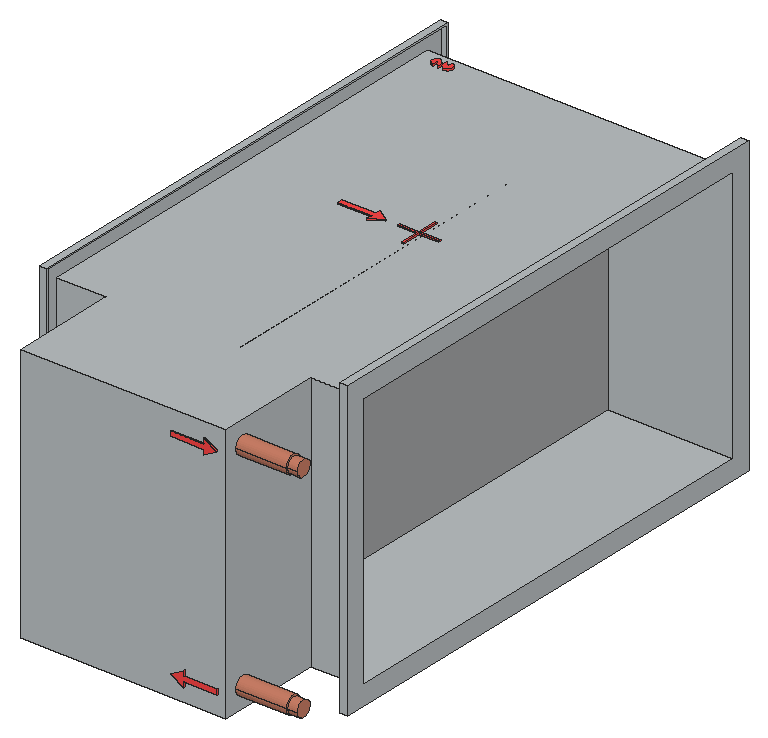
Revit family "NLRS_57_DUA_UN_rectangular-heater-ahxkkx1-7_LT_sacs", category Duct Accessories, Revit 2023
Family settings
  Round Connector Dimension = Use Diameter
  Part Type = Breaks Into
  OmniClass Number = 23.75.10.11.17
  OmniClass Title = Warm Air Heat Generators
  Work Plane-Based = No
  Always vertical = Yes
  Cut with Voids When Loaded = No
  Shared = No
Parameters (values of type "AHxKKx1-7")
  Water connection Right [instance] = yes
  Type IFC Predefined Type = "Heater"
  SACS_Warning_Text_Size [instance] = if(SACS_Warning_Size, "Invalid duct size. Nearest (larger) size selected", " ")  # " "
  SACS_Warning_Text_Other [instance] = if(SACS_Warning_Other, "Selected configuration not allowed", if([Heater circuits (1-26)] > 22, "Use family AHxKKx23-26", if([Heater circuits (1-26)] > 14, "Use family AHxKKx15-22", if([Heater circuits (1-26)] > 7, "Use family AHxKKx8-14", " "))))  # " "
  SACS_Warning_Size [instance] = or(not(NLRS_M_c01_breedte = SACS_Duct_Width), not(NLRS_M_c01_hoogte = SACS_Duct_Height))  # no
  SACS_Warning_Sign [instance] = and(not(SACS_Disable_Warning), or(SACS_Warning_Size, SACS_Warning_Other))  # no
  SACS_Warning_Other [instance] = or([Heater rows (2-10)] < 2, [Heater rows (2-10)] > 10, [Heater circuits (1-26)] < 1, [Heater circuits (1-26)] > 26)  # no
  SACS_Use_Manual_Airflow [instance] = no
  SACS_Plenum_L [instance] = if([Heater rows (2-10)] < 7, 300.00 mm, 400.00 mm)  # 300.00 mm
  SACS_Model [instance] = size_lookup(SACS_Data_Hidden, "Model", "NB", SACS_Duct_Width, SACS_Duct_Height, SACS_Index1, SACS_Index2, SACS_Index3)  # "AH2KKR-25-02 450x250"
  SACS_Manual_Airflow [instance] = 0.0 m³/h
  SACS_Index3 [instance] = if(Water connection Right, 0.00 mm, 1.00 mm)  # 0.00 mm
  SACS_Index2 [instance] = if([Heater circuits (1-26)] < 1, 1, if([Heater circuits (1-26)] > 26, 26, [Heater circuits (1-26)])) * 1.00 mm  # 2.00 mm
  SACS_Index1 [instance] = if([Heater rows (2-10)] < 2, 2, if([Heater rows (2-10)] > 10, 10, [Heater rows (2-10)])) * 1.00 mm  # 2.00 mm
  SACS_Disable_Warning [instance] = no
  URL = "https://solid-air.nl/producten/solid-air-naverwarmer-ah-k/"
  Type Comments = "Check flow directions!"  # constant formula
  SACS_Y_Offset3 [instance] = if(Water connection Right, -1.00 mm, SACS_Length_Y - 1.00 mm)  # -1.00 mm
  SACS_Y_Offset2 [instance] = if(Water connection Right, SACS_Duct_Width + SACS_Length_Y - 20.00 mm, 20.00 mm)  # 535.00 mm
  SACS_Y_Offset [instance] = if(Water connection Right, 0.00 mm, SACS_Length_Y)  # 0.00 mm
  SACS_Type_Mark [instance] = ""
  SACS_Right_Box [instance] = if(Water connection Right, SACS_Duct_Width + SACS_Length_Y, SACS_Y_Offset - 1.00 mm)  # 555.00 mm
  SACS_Offset_RL [instance] = if(Water connection Right, 20.00 mm, SACS_Duct_Width + SACS_Length_Y - 19.00 mm)  # 20.00 mm
  SACS_Length_Y [instance] = 90.00 mm + NLRS_P_c01_diameter  # 105.00 mm
  SACS_Left_Box [instance] = if(Water connection Right, SACS_Duct_Width + 1.00 mm, 0.00 mm)  # 451.00 mm
  SACS_Index_Side [instance] = if(Water connection Right, 0, 1)  # 0
  SACS_Flange_Height [instance] = if(or(SACS_Duct_Height > 650.00 mm, SACS_Duct_Width > 650.00 mm), 29.00 mm, 19.00 mm)  # 19.00 mm
  SACS_Duct_Width [instance] = if(roundup(NLRS_M_c01_breedte / 50.00 mm) * 50 < 200, 200.00 mm, if(roundup(NLRS_M_c01_breedte / 50.00 mm * 50) > 2000, 2000.00 mm, roundup(NLRS_M_c01_breedte / 50.00 mm) * 50.00 mm))  # 450.00 mm
  SACS_Duct_Height [instance] = if(roundup(NLRS_M_c01_hoogte / 50.00 mm) * 50 < 200, 200.00 mm, if(roundup(NLRS_M_c01_hoogte / 50.00 mm * 50) > 1600, 1600.00 mm, roundup(NLRS_M_c01_hoogte / 50.00 mm) * 50.00 mm))  # 250.00 mm
  SACS_Diameter2 [instance] = NLRS_P_c01_diameter + 2.00 mm  # 17.00 mm
  SACS_Data_Hidden [instance] = if(Water connection Right, "AH-KKR-25_1-7", "AH-KKL-25_1-7")  # "AH-KKR-25_1-7"
  SACS_Battery_Length [instance] = SACS_Index1 * 28  # 56.00 mm
  SACS_Air_Flow [instance] = 0.0 m³/h
  SA-Select [instance] = "https://saselect.solid-air.nl/duct-heater"
  NLRS_P_c01_drukverlies_statisch [instance] = 0.0 Pa
  NLRS_P_c01_diameter [instance] = if([Heater circuits (1-26)] < 8, 15.00 mm, if([Heater circuits (1-26)] < 15, 20.00 mm, if([Heater circuits (1-26)] < 23, 25.00 mm, 32.00 mm)))  # 15.00 mm
  NLRS_M_c01_hoogte [instance] = 250.00 mm
  NLRS_M_c01_drukverlies_statisch [instance] = 0.0 Pa
  NLRS_M_c01_breedte [instance] = 450.00 mm
  NLRS_C_model [instance] = SACS_Model  # "AH2KKR-25-02 450x250"
  NLRS_C_description = Description  # "Heater battery AH_KK - Rectangular connector - Solid Air"
  NLRS_C_content_versie = "4.23.02"  # constant formula
  NLRS_C_content_provider = "Solid Air Climate Solutions"  # constant formula
  NLRS_C_content_datum_uitgifte = "01-04-2026"  # constant formula
  NLRS_C_content_creator = "J. Feeke"  # constant formula
  NLRS_C_artikel_code [instance] = size_lookup(SACS_Data_Hidden, "Artikelcode", "NB", SACS_Duct_Width, SACS_Duct_Height, SACS_Index1, SACS_Index2, SACS_Index3)  # "9401000537"
  NLRS_P_c01_volumestroom [instance] = 0.0 L/s
  NLRS_M_c01_debiet [instance] = abs(if(SACS_Use_Manual_Airflow, SACS_Manual_Airflow, SACS_Air_Flow))  # 0.0 m³/h
  Model = "AH_KK"  # constant formula
  Manufacturer = "Solid Air Climate Solutions"  # constant formula
  LoadBearing [instance] = 1 = 0  # no
  Keynote = ""
  IsExternal [instance] = 1 = 0  # no
  IfcExportType = "Heater"  # constant formula
  IfcExportAs = "IfcHeatExchanger"  # constant formula
  IfcDescription = Description  # "Heater battery AH_KK - Rectangular connector - Solid Air"
  Heater rows (2-10) [instance] = 2
  Heater circuits (1-26) [instance] = 2
  FireRating [instance] = "00"  # constant formula
  Export Type to IFC As = "IfcHeatExchanger"
  Description = "Heater battery AH_KK - Rectangular connector - Solid Air"  # constant formula
  Default Elevation = 0.00 mm
  Cost = 0
  Assembly Code = "57.00"
Reference planes
  plane 1 "Center (Front/Back)": y = 0
  plane 2: z = 0
  plane 3 "Center (Left/Right)": x = 0
  plane 4 "top": z = 125
  plane 5 "bottom": z = -125
  plane 6 "left": x = -150
  plane 7 "right": x = 150
  plane 8 "back": y = 225
  plane 9 "Front": y = -225
  plane 10 "box": y = -330
  plane 11: y = -226
  plane 12: y = 225
Forms (mm)
  Sweep 1, solid, material "NLRS_57_sendzimir verzinkt_gen_sacs", detail levels medium+fine
    path in 3D
      loop
        line (0, -225, -125) -> (0, 225, -125) -> (0, 225, 125) -> (0, -225, 125) -> (0, -225, -125)
    profile "casing : casing" origin (0, -225, 0) x (0, 1, 0) y (1, 0, 0)
      loop
        line (0, -150) -> (0, 150) -> (-19, 150) -> (-19, 142.5) -> (-18, 142.5) -> (-18, 149) -> (-1, 149) -> (-1, -149) -> (-18, -149) -> (-18, -142.5) -> (-19, -142.5) -> (-19, -150) -> (0, -150)
  Extrusion 2, solid, material "NLRS_57_sendzimir verzinkt_gen_sacs", detail levels medium+fine
    sketch origin (0, 0, 0) x (1, 0, 0) y (0, 1, 0)
      loop
        line (-100, -226) -> (-100, -330) -> (100, -330) -> (100, -226) -> (-100, -226)
    from -126 to 126
  Extrusion 3, solid, material "Koper", detail levels medium+fine
    sketch origin (150, 0, 0) x (0, 1, 0) y (0, 0, 1)
      loop
        circle (-310, 105) r 8.5
      loop
        circle (-310, -105) r 8.5
    from -50 to 0
  Extrusion 4, solid, material "Koper", detail levels medium+fine
    sketch origin (150, 0, 0) x (0, 1, 0) y (0, 0, 1)
      loop
        circle (-310, 105) r 7.5
      loop
        circle (-310, -105) r 7.5
    from 0 to 10
  Extrusion 5, solid, material "NLRS_57_anodised aluminium_gen_sacs", detail levels medium+fine
    sketch origin (0, 0, 0) x (1, 0, 0) y (0, 1, 0)
      loop
        line (-28, 225) -> (-28, -225) -> (28, -225) -> (28, 225) -> (-28, 225)
    from -125 to 125
  Extrusion 6, solid, material "SACS_Label", detail levels medium+fine
    sketch origin (0, 0, 125) x (-1, 0, 0) y (0, -1, 0)
      loop
        line (-23.44, -20) -> (-23.44, -1) -> (-4.439, -1) -> (-4.439, 1) -> (-23.527, 1) -> (-23.527, 20) -> (-25.44, 20) -> (-25.44, 1) -> (-44.439, 1) -> (-44.439, -1) -> (-25.44, -1) -> (-25.44, -20) -> (-23.44, -20)
    from 1 to 2
Cuts and joins
  joined: Sweep 1, Extrusion 2
Lines and regions (mm)
  model lines, not visible
    curve 1: line (0, 225, 125) -> (0, -225, 125)
    curve 2: line (0, 225, -125) -> (0, 225, 125)
    curve 3: line (0, -225, -125) -> (0, 225, -125)
    curve 4: line (0, -225, 125) -> (0, -225, -125)
  sketch lines
    curve 5: line (0, -225, 125) -> (0, -225, -125)
    curve 6: line (0, 225, 125) -> (0, -225, 125)
    curve 7: line (0, 225, -125) -> (0, 225, 125)
    curve 8: line (0, -225, -125) -> (0, 225, -125)
Dimensions and locks
  equal spacing: plane 4 "top", level, plane 5 "bottom"
  "SACS_Duct_Height": plane 4 "top" to plane 5 "bottom"
  equal spacing: plane 6 "left", plane 3 "Center (Left/Right)", plane 7 "right"
  equal spacing: plane 8 "back", plane 1 "Center (Front/Back)", plane 9 "Front"
  "SACS_Duct_Width": plane 8 "back" to plane 9 "Front"
  "SACS_Plenum_L": plane 6 "left" to plane 7 "right"
  "SACS_Y_Offset": plane 12 to plane 8 "back"
  "SACS_Left_Box": plane 12 to plane 11
  "SACS_Right_Box": plane 12 to plane 10 "box"
  locked: Extrusion 2 sketch curve to plane 7 "right" at 50
  locked: plane 6 "left" to Extrusion 2 sketch curve at 50
  locked: Extrusion 2 to plane 4 "top" at 1
  locked: plane 5 "bottom" to Extrusion 2 at 1
  "SACS_Y_Offset2": Extrusion 3 sketch curve to plane 12
  locked: plane 4 "top" to Extrusion 3 sketch curve at 20
  locked: Extrusion 3 sketch curve to plane 5 "bottom" at 20
  "SACS_Y_Offset2": plane 12 to Extrusion 3 sketch curve
  locked: Extrusion 3 to plane 7 "right" at 50
  locked: Extrusion 4 sketch curve to plane 5 "bottom" at 20
  locked: plane 4 "top" to Extrusion 4 sketch curve at 20
  "SACS_Y_Offset2": plane 12 to Extrusion 4 sketch curve  (x2)
  locked: plane 7 "right" to Extrusion 4 at 10
  equal spacing: Extrusion 5 sketch curve, plane 3 "Center (Left/Right)", Extrusion 5 sketch curve
  "SACS_Battery_Length": Extrusion 5 sketch curve to Extrusion 5 sketch curve
  locked: plane 7 "right" to nested 1 at 80
  plane 7 "right" to nested 2 = 80.00 mm
  locked: nested 3 to plane 3 "Center (Left/Right)" at 30
  Extrusion 6 sketch curve to plane 1 "Center (Front/Back)" to Extrusion 6 sketch curve = 1.00 mm locked, 1.00 mm locked
  Extrusion 6 sketch curve to plane 1 "Center (Front/Back)" to Extrusion 6 sketch curve = 20.00 mm locked, 20.00 mm locked
  locked: plane 6 "left" to nested 4 at 25
  locked: plane 8 "back" to nested 4 at 10
  locked: nested 1 to plane 5 "bottom" at 20
  locked: plane 4 "top" to nested 2 at 20
  "SACS_Diameter2": diameter of Extrusion 3 sketch curve  (x2)
  "NLRS_P_c01_diameter": diameter of Extrusion 4 sketch curve  (x2)
  aligned and locked: level to plane 2
  aligned and locked: curve 1 to plane 4 "top"
  aligned and locked: plane 9 "Front" to curve 4
  aligned and locked: plane 5 "bottom" to curve 3
  aligned and locked: curve 2 to plane 8 "back"
  aligned and locked: Extrusion 2 sketch curve to plane 11
  aligned and locked: plane 10 "box" to Extrusion 2 sketch curve
  aligned and locked: plane 7 "right" to Extrusion 3
  aligned and locked: plane 8 "back" to Extrusion 5
  aligned and locked: Extrusion 5 to plane 9 "Front"
  aligned and locked: Extrusion 5 to plane 5 "bottom"
  aligned and locked: plane 4 "top" to Extrusion 5
  aligned and locked: plane 1 "Center (Front/Back)" to nested 3
  aligned and locked: plane 3 "Center (Left/Right)" to nested 5
Automatic sketch dimensions
  plane 3 "Center (Left/Right)" to Extrusion 6 sketch curve = 44.439 mm
  Extrusion 6 sketch curve to Extrusion 6 sketch curve = 18.999 mm
  Extrusion 6 sketch curve to Extrusion 6 sketch curve = 0.00 mm
  Extrusion 6 sketch curve to Extrusion 6 sketch curve = 1.913 mm
  Extrusion 6 sketch curve to plane 1 "Center (Front/Back)" = 1.00 mm
  Extrusion 6 sketch curve to Extrusion 6 sketch curve = 2.00 mm
  plane 3 "Center (Left/Right)" to Extrusion 6 sketch curve = 4.439 mm
  plane 1 "Center (Front/Back)" to Extrusion 6 sketch curve = 1.00 mm
  Extrusion 5 sketch curve to plane 9 "Front" = 0.00 mm
  Extrusion 5 sketch curve to plane 8 "back" = 0.00 mm
Nested families
  nested 1: "arrow" at (70, -331, -105) x (-1, 0, 0) z (0, 1, 0), built-in parameter 1001364 <- "SACS_Y_Offset3", type "arrow", detail levels medium+fine
  nested 2: "arrow" at (70, -331, 105) x (1, 0, 0) z (0, 1, 0), built-in parameter 1001364 <- "SACS_Y_Offset3", type "arrow", detail levels medium+fine
  nested 3: "arrow" at (-30, 0, 126), type "arrow", detail levels medium+fine
  nested 4: "logo_single" at (-125, 215, 125), type "logo_single", detail levels medium+fine
  nested 5: "NV-Symbol" at (0, 0, 125), type "FD-Symbol_Top", detail levels coarse
  nested 6: "Warning" at (0, 0, 125), visible <- "SACS_Warning_Size", type "Warning", detail levels medium+fine
  nested 7: "NV-Symbol" at (0, 0, 0) x (1, 0, 0) z (0, 1, 0), type "FD-Symbol_Side", detail levels coarse
Connectors
  hvac at (-150, 0, 0), driven by "NLRS_M_c01_hoogte", driven by "NLRS_M_c01_breedte", driven by "NLRS_M_c01_debiet", driven by "NLRS_M_c01_drukverlies_statisch"
    settings: on cut or joined group of Sweep 1, Extrusion 2, index 1, duct flow 0.0 m³/h, flow factor 0, pres drop 0.0 Pa, loss coef 0, conn angle 0.00°, conn width 450 mm, conn height 250 mm, conn diameter 609.6 mm, duct sys type 29, conn prof type 1, flow config 1, flow direction 1, loss method 4, conn ref index -1, conn util no, is conn primary yes, conn desc ""
  hvac at (150, 0, 0), driven by "NLRS_M_c01_hoogte", driven by "NLRS_M_c01_breedte", driven by "SACS_Air_Flow"
    settings: on cut or joined group of Sweep 1, Extrusion 2, index 2, duct flow 0.0 m³/h, flow factor 0, pres drop 0.0 Pa, loss coef 0, conn angle 0.00°, conn width 450 mm, conn height 250 mm, conn diameter 609.6 mm, duct sys type 29, conn prof type 1, flow config 0, flow direction 2, loss method 0, conn ref index -1, conn util no, is conn primary no, conn desc ""
  piping at (150, -310, -105), diameter 15, driven by "NLRS_P_c01_diameter", driven by "NLRS_P_c01_volumestroom", driven by "NLRS_P_c01_drukverlies_statisch"
    settings: on Extrusion 4, index 3, connector inside diameter 24", connector length 0.00 mm, flow factor 0, pipe flow 0.0 L/s, pressure drop 0.0 Pa, fitting loss kfactor 0, connector angle 0.00°, fixture units 0, engagement length 0.00 mm, angle of deflection 0.00°, flow configuration 1, flow direction 1, fitting loss method 4, system type 7, joint type 0, gender type 0, connector reference index -1, connector utility 0, adjustable connector no, is connector primary yes, connector description ""
  piping at (150, -310, 105), diameter 15, driven by "NLRS_P_c01_diameter", driven by "NLRS_P_c01_volumestroom", driven by "NLRS_P_c01_drukverlies_statisch"
    settings: on Extrusion 4, index 4, connector inside diameter 24", connector length 0.00 mm, flow factor 0, pipe flow 0.0 L/s, pressure drop 0.0 Pa, fitting loss kfactor 0, connector angle 0.00°, fixture units 0, engagement length 0.00 mm, angle of deflection 0.00°, flow configuration 1, flow direction 2, fitting loss method 4, system type 8, joint type 0, gender type 0, connector reference index -1, connector utility 0, adjustable connector no, is connector primary no, connector description ""
Definition of nested family "arrow"
  Parameters (values of type "arrow")
    Default Elevation = 1219.20 mm
  Reference planes
    plane 1 "Center (Front/Back)": y = 0
    plane 2: z = 0
    plane 3 "Center (Left/Right)": x = 0
  Forms (mm)
    Extrusion 1, solid
      sketch origin (0, 48.354, 0) x (-1, 0, 0) y (0, -1, 0)
        loop
          line (22.513, 50.854) -> (-10.002, 50.854) -> (-10.002, 55.854) -> (-22.513, 48.354) -> (-10.002, 40.854) -> (-10.002, 45.854) -> (22.513, 45.854) -> (22.513, 50.854)
      from 0 to 1
  Dimensions and locks
    aligned and locked: level to plane 2
Definition of nested family "logo_single"
  Parameters (values of type "logo_single")
    t = 5.00 mm
    Model = "LOD 400"
    Description = "Model type"
    Default Elevation = 1219.20 mm
  Reference planes
    plane 1 "Center (Front/Back)": y = 0
    plane 2: z = 0
    plane 3 "Center (Left/Right)": x = 0
    plane 4: z = 2
    plane 5: x = -10
    plane 6: y = -5
    plane 7: y = 5
    plane 8: x = -5
    plane 9: x = 5
    plane 10: x = 10
  Forms (mm)
    Extrusion 1, solid
      sketch origin (-547.644, -297.937, 0) x (1, 0, 0) y (0, 1, 0)
        loop
          arc (542.644, 302.937) -> (537.644, 297.937) -> (542.644, 292.937) r 5
          line (542.644, 292.937) -> (542.644, 297.937) -> (547.644, 292.937) -> (547.644, 297.937) -> (542.644, 302.937)
      from 0 to 2
    Extrusion 2, solid
      sketch origin (0, 0, 0) x (1, 0, 0) y (0, 1, 0)
        loop
          arc (5, -5) -> (10, 0) -> (5, 5) r 5
          line (5, 5) -> (5, 0) -> (0, 5) -> (0, 0) -> (5, -5)
      from 0 to 2
  Dimensions and locks
    "t": plane 7 to plane 1 "Center (Front/Back)"
    "t": plane 6 to plane 1 "Center (Front/Back)"
    "t": plane 5 to plane 8
    "t": plane 8 to plane 3 "Center (Left/Right)"
    "t": plane 3 "Center (Left/Right)" to plane 9
    "t": plane 9 to plane 10
    aligned and locked: level to plane 2
    aligned and locked: plane 4 to Extrusion 1
  Automatic sketch dimensions
    plane 1 "Center (Front/Back)" to Extrusion 1 sketch curve = 0.00 mm  (x3)
    Extrusion 1 sketch curve to plane 8 = 0.00 mm
    Extrusion 1 sketch curve to plane 7 = 0.00 mm
    Extrusion 1 sketch curve to plane 3 "Center (Left/Right)" = 0.00 mm
    Extrusion 1 sketch curve to plane 6 = 0.00 mm
    Extrusion 2 sketch curve to plane 3 "Center (Left/Right)" = 0.00 mm
    plane 1 "Center (Front/Back)" to Extrusion 2 sketch curve = 0.00 mm  (x3)
    Extrusion 2 sketch curve to plane 6 = 0.00 mm
    Extrusion 2 sketch curve to plane 9 = 0.00 mm
    Extrusion 2 sketch curve to plane 7 = 0.00 mm
Definition of nested family "NV-Symbol"
  Parameters (values of type "FD-Symbol_Side")
    Width = 250.00 mm
    Length = 300.00 mm
    Half_Width = Width / 2  # 125.00 mm
  Types (2, lengths in mm): name | Width | Half_Width
    FD-Symbol_Side | 250.00 | 125.00
    FD-Symbol_Top | 450.00 | 225.00
  Reference planes
    plane 1 "Center (Front/Back)": y = 0
    plane 2: z = 0
    plane 3 "Center (Left/Right)": x = 0
    plane 4: x = -150
    plane 5: x = 150
    plane 6: y = -125
    plane 7: y = 125
    plane 8: x = 100
    plane 9: x = -125
    plane 10: y = 100
    plane 11: x = -417.698
    plane 12: y = 67.059
  Lines and regions (mm)
    detail lines, in view "Ref. Level"
      curve 1: line (-150, 125, 0) -> (150, 125, 0)
      curve 2: line (-150, -125, 0) -> (-150, 125, 0)
      curve 3: line (150, -125, 0) -> (-150, -125, 0)
      curve 4: line (150, 125, 0) -> (150, -125, 0)
      curve 5: line (-150, -125, 0) -> (150, 125, 0)
      curve 6: line (75, 0, 0) -> (125, 0, 0)
      curve 7: line (100, 25, 0) -> (100, -25, 0)
      curve 8: line (-141.355, 112.5, 0) -> (-141.355, 87.5, 0)
      curve 9: line (-141.355, 112.5, 0) -> (-128.855, 87.5, 0)
      curve 10: line (-128.855, 87.5, 0) -> (-128.855, 112.5, 0)
      curve 11: line (-121.145, 112.5, 0) -> (-114.447, 87.5, 0)
      curve 12: line (-114.447, 87.5, 0) -> (-105.347, 112.5, 0)
      curve 18: line (75, 0, 0) -> (125, 0, 0)
    detail lines, in view "Ref. Level", not visible
      curve 13: line (-434.053, 79.559, 0) -> (-434.053, 54.559, 0)
      curve 14: line (-434.053, 79.559, 0) -> (-421.553, 54.559, 0)
      curve 15: line (-421.553, 54.559, 0) -> (-421.553, 79.559, 0)
      curve 16: line (-413.844, 79.559, 0) -> (-407.145, 54.559, 0)
      curve 17: line (-407.145, 54.559, 0) -> (-398.046, 79.559, 0)
  Dimensions and locks
    "Half_Width": plane 1 "Center (Front/Back)" to plane 6
    "Half_Width": plane 7 to plane 1 "Center (Front/Back)"
    "Length": plane 4 to plane 5
    equal spacing: plane 4, plane 3 "Center (Left/Right)", plane 5
    locked: plane 8 to plane 5 at 50
    plane 4 to plane 9 = 25.00 mm
    locked: plane 7 to plane 10 at 25
    curve 18 to plane 8 to curve 18 = 25.00 mm locked, 25.00 mm locked
    curve 7 to plane 1 "Center (Front/Back)" to curve 7 = 25.00 mm locked, 25.00 mm locked
    aligned and locked: plane 4 to curve 2
    aligned and locked: curve 1 to plane 7
    aligned and locked: curve 4 to plane 5
    aligned and locked: plane 6 to curve 3
    aligned and locked: plane 1 "Center (Front/Back)" to curve 6
  Automatic sketch dimensions
    curve 5 to plane 4 = 0.00 mm
    plane 1 "Center (Front/Back)" to curve 18 = 0.00 mm
    curve 7 to plane 8 = 0.00 mm
    curve 18 to curve 6 = 0.00 mm  (x2)
Definition of nested family "Warning"
  Parameters (values of type "Warning")
    straal = 1000.00 mm
  Reference planes
    plane 1 "Center (Front/Back)": y = 0
    plane 2: z = 0
    plane 3 "Center (Left/Right)": x = 0
  Lines and regions (mm)
    Filled region 1, type "Solid Fill - Black", in view "Ref. Level"
      outline origin (0, 0, 0) x (1, 0, 0) y (0, 1, 0)
        loop
          line (-25.8, 75) -> (-20, -12.003) -> (20, -12.003) -> (25.8, 75) -> (-25.8, 75)
        loop
          circle (0, -50) r 25
